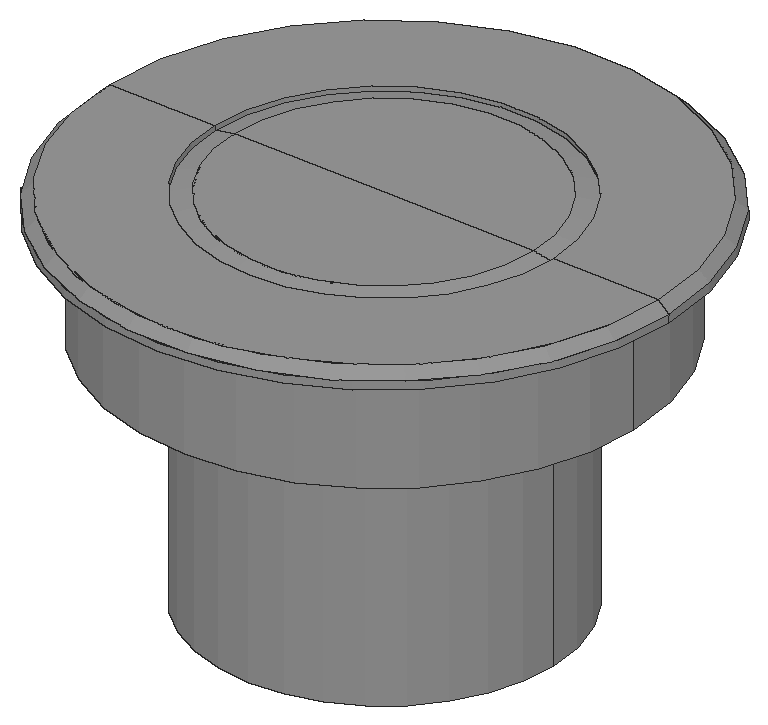
Revit family "4069951 Sylvania Lighting Fixture PATHE CEILING ROUND3 MEDIUM 226LM LED 3K", category Lighting Fixtures, host Face, Revit 2016
Family settings
  Host = Face
  Part Type = Normal
  Round Connector Dimension = Use Diameter
  OmniClass Number = 23.80.70.00
  OmniClass Title = Lighting
  Cut with Voids When Loaded = No
  Light Source = Yes
  Shared = No
  Room Calculation Point = No
Parameters (values of type "4069951 PATHE/C/R3 MED 226LM LED 3K")
  Weight = "1.0 kg"
  Wattage Comments = ""
  Wattage = 4.4 W
  WarrantyStartDate [instance] = "n/a"
  WarrantyGuarantorParts = "n/a"
  WarrantyDurationUnit = "n/a"
  WarrantyDurationParts = "n/a"
  WarrantyDescription = "n/a"
  built-in parameter 1150110 = 1 (stored number, unit not read)
  Voltage = 0 V
  URL = "http://www.sylvania-lighting.com"
  TypeName = "PATHE/CEILING/ROUND3 MEDIUM 226LM LED 3K"
  Type Image = <None>
  Type Comments = "n/a"
  built-in parameter 1114217 = 1 (stored number, unit not read)
  Tilt Angle = -90.00°
  built-in parameter 1150109 = 1 (stored number, unit not read)
  built-in parameter 1150134 = (empty or 0)
  built-in parameter 1150113 = 1 (stored number, unit not read)
  SerialNumber [instance] = "n/a"
  Radius_SYL = 74 mm
  RadiusDiffuser_SYL = 44 mm
  Photometric Web File = "4069951.ies"
  Material_5_SYL = Steel AISI 1006 85 HR
  Material_3_SYL = Inside_Sylvania_Pathe_Black
  PowerFactor = 0
  PowerConsumption = "4.4 W"
  NominalLength = 148 mm
  NominalHeight = 110 mm
  NominalDepth = 0 mm
  Name = "PATHE/CEILING/ROUND3 MEDIUM 226LM LED 3K"
  ModelReference = Name  # "PATHE/CEILING/ROUND3 MEDIUM 226LM LED 3K"
  ModelNumber = "4069951"
  Model = Name  # "PATHE/CEILING/ROUND3 MEDIUM 226LM LED 3K"
  Material = "corrosion resistant die-cast aluminium body. aluminium fixing bracket. housing, tempered safety glass diffuser"
  ManufacturerName = "Feilo Sylvania"
  Manufacturer = "Feilo Sylvania"
  LuminousEfficacy = "51.36 lm/W"
  built-in parameter 1150105 = 17.985 (stored number, unit not read)
  Lumens = 226 lm
  LuminaireType = ""
  built-in parameter 1150115 = 1 (stored number, unit not read)
  LightOutputRatio = "100"
  built-in parameter 1150137 = (empty or 0)
  built-in parameter 1150139 = (empty or 0)
  LampsType = Lamp  # "LED"
  LampNominalLuminous = "226 lm"
  LampMacAdamStep = "n/a"
  LampColourTemperature = "3000 K"
  LampColourRenderingIndex = "80"
  built-in parameter 1150112 = 1 (stored number, unit not read)
  built-in parameter 1150114 = 1 (stored number, unit not read)
  Lamp = "LED"
  Keynote = "16500"
  InstallationDate [instance] = "n/a"
  InputVoltage = "n/a"
  InputNominalFrequency = "n/a"
  built-in parameter 1150132 = (empty or 0)
  built-in parameter 1150102 = (empty or 0)
  built-in parameter 1150107 = 3000 (stored number, unit not read)
  built-in parameter 1150138 = (empty or 0)
  IngressProtection = "IP66"
  ImpactProtectionIndex = "IK10"
  built-in parameter 1150106 = 0.17985 (stored number, unit not read)
  IfcExportType = "IfcLightFixtureType"
  IfcExportAs = "IfcLightFixtureType"
  HieghtTop_SYL = 3 mm
  ExpectedLife = 50000
  Emit from Circle Diameter = RadiusDiffuser_SYL * 2  # 88 mm
  Emit Shape Visible in Rendering = no
  ElectricShockClassification = "Class I"
  built-in parameter 1150104 = 4.7718 (stored number, unit not read)
  DurationUnit = "hours"
  DocumentationLiterature = "http://www.sylvania-lighting.com/product/en-int/products/4069951"
  DimmingControlOptions = "n/a"
  Material_2_SYL = LED-Sylvania
  Dimming Lamp Color Temperature Shift = <None>
  Description = "Round recessed ceiling mounted luminaireCorrosion resistant anodized aluminium, 226lm, 4,4W, 51lm/W, 3000K, CRI80+, medium, non dimmable, IP66, IK10, (ØxD) 135x92mm, 3 step MacAdam ellipse, 1.2kg, Class I, 220-240V, A++ A+ A"
  Default Elevation = 1219.2 mm
  CreatedOn = "9/21/2018"
  CreatedBy = "@sylvania-lighting.com"
  Cost = 0
  Color Filter = 16777215
  built-in parameter 1114216 [instance] = (empty or 0)
  ClassificationValue = "EF_70_80"
  ClassificationName = "Uniclass2015"
  Material_1_SYL = Aluminum 6061 T6 80 Hot Formed
  ChamferTop_SYL = 2.5 mm
  ChamferDiffuserTop_SYL = 5 mm
  ChamferDiffuserSide_SYL = 1 mm
  BarCode [instance] = "n/a"
  built-in parameter 1114218 = 1 (stored number, unit not read)
  built-in parameter 1150133 = 10 (stored number, unit not read)
  AssetType = "Fixed"
  AssetIdentifier [instance] = "n/a"
  Assembly Code = "D5020200"
  Apparent Load = 4.4 VA
  Material_4_SYL = Polycarbonate, Clear
Reference planes
  plane 1 "Center (Front/Back)": y = 0
  plane 2: z = 0
  plane 3 "Center (Left/Right)": x = 0
  plane 4: x = -74
  plane 5: x = -44
  plane 6: z = 3
  plane 7: x = -71.5
  plane 8: x = -39
  plane 9: z = 2
  plane 10: z = 0.5
  plane 11: x = -55.75
  plane 12: x = -25
  plane 13: z = -12
  plane 14: x = -27.5
  plane 15: z = -11
  plane 16: x = -24
  plane 17: z = -15
  plane 18: x = -69
  plane 19: z = -1.5
  plane 20: x = -67.5
  plane 21: z = -92
  plane 22: z = -29.5
  plane 23: x = -65
  plane 24: x = -45
Forms (mm)
  Revolve 1, solid, material "Aluminum 6061 T6 80 Hot Formed" <- "Material_1_SYL"
    sketch origin (0, 0, 0) x (1, 0, 0) y (0, 0, 1)
      loop
        line (-71.5, 3) -> (-74, 0.5) -> (-74, -1.5) -> (-65, -1.5) -> (-65, -29.5) -> (-44, -29.5) -> (-44, -92) -> (0, -92) -> (0, -12) -> (-25, -12) -> (-27.5, -15) -> (-55.75, -15) -> (-55.75, 0) -> (-44, 0) -> (-44, 3) -> (-71.5, 3)
      axis (0, 3) -> (0, -92)
    angle from 360 to 0
  Revolve 2, solid, material "Polycarbonate, Clear" <- "Material_4_SYL"
    sketch origin (0, 0, 0) x (1, 0, 0) y (0, 0, 1)
      loop
        line (-44, 2) -> (-44, 0) -> (0, 0) -> (0, 3) -> (-39, 3) -> (-44, 2)
      axis (0, 3) -> (0, 0)
    angle from 360 to 0
  Revolve 3, void
    sketch origin (0, 0, 0) x (1, 0, 0) y (0, 0, 1)
      loop
        line (0, -29.5) -> (0, 0) -> (-67.5, 0) -> (-67.5, -29.5) -> (0, -29.5)
      axis (0, 0) -> (0, -29.5)
    angle from 360 to 0
  Revolve 4, solid, material "LED-Sylvania" <- "Material_2_SYL"
    sketch origin (0, 0, 0) x (1, 0, 0) y (0, 0, 1)
      loop
        line (-25, -12) -> (0, -12) -> (0, -11) -> (-24, -11) -> (-25, -12)
      axis (0, -11) -> (0, -12)
    angle from 360 to 0
Cuts and joins
  Revolve 3 cuts Revolve 2
Lines and regions (mm)
  reference lines
    curve 1: line (0, 0, -12) -> (0, -11.75, -12)
Dimensions and locks
  "Radius_SYL": plane 3 "Center (Left/Right)" to plane 4
  "RadiusDiffuser_SYL": plane 3 "Center (Left/Right)" to plane 5
  "ChamferTop_SYL": plane 7 to plane 4
  "ChamferDiffuserSide_SYL": plane 6 to plane 9
  "ChamferDiffuserTop_SYL": plane 8 to plane 5
  "ChamferTop_SYL": plane 6 to plane 10
  "HieghtTop_SYL": plane 6 to plane 2
  locked: plane 11 to plane 4 at 18.25
  locked: plane 3 "Center (Left/Right)" to plane 12 at 25
  locked: plane 14 to plane 12 at 2.5
  locked: plane 12 to plane 16 at 1
  locked: plane 15 to plane 13 at 1
  locked: host face to plane 17 at 15
  locked: plane 13 to plane 17 at 3
  locked: plane 3 "Center (Left/Right)" to plane 18 at 69
  plane 2 to plane 19 = 1.5 mm
  locked: plane 3 "Center (Left/Right)" to plane 20 at 67.5
  locked: plane 2 to plane 21 at 92
  locked: plane 2 to plane 22 at 29.5
  locked: plane 3 "Center (Left/Right)" to plane 23 at 65
  locked: plane 3 "Center (Left/Right)" to plane 24 at 45
  aligned and locked: plane 2 to host face
  aligned and locked: level to host face
  aligned and locked: plane 6 to Revolve 1 sketch curve
  aligned and locked: Revolve 1 sketch curve to plane 3 "Center (Left/Right)"
  aligned and locked: level to Revolve 1 sketch curve
  aligned and locked: plane 5 to Revolve 1 sketch curve
  aligned and locked: plane 6 to Revolve 2 sketch curve
  aligned and locked: Revolve 2 sketch curve to plane 3 "Center (Left/Right)"  (x2)
  aligned and locked: Revolve 1 to Revolve 2 sketch curve
  aligned and locked: plane 8 to Revolve 2 sketch curve
  aligned and locked: plane 5 to Revolve 2 sketch curve
  aligned and locked: plane 9 to Revolve 2 sketch curve
  aligned and locked: imposter light to plane 6
  aligned and locked: imposter light to plane 1 "Center (Front/Back)"
  aligned and locked: plane 3 "Center (Left/Right)" to imposter light
  aligned and locked: plane 7 to Revolve 1 sketch curve
  aligned and locked: Revolve 3 sketch curve to plane 3 "Center (Left/Right)"  (x2)
  aligned and locked: Revolve 3 sketch curve to Revolve 1
  aligned and locked: Revolve 3 sketch curve to level
  aligned and locked: plane 11 to Revolve 1 sketch curve
  aligned and locked: Revolve 1 sketch curve to Revolve 1 sketch curve
  aligned and locked: plane 13 to Revolve 1 sketch curve
  aligned and locked: plane 14 to Revolve 1 sketch curve
  aligned and locked: plane 12 to Revolve 1 sketch curve
  aligned and locked: plane 3 "Center (Left/Right)" to curve 1
  aligned and locked: Revolve 1 to Revolve 4 sketch curve
  aligned and locked: plane 16 to Revolve 4 sketch curve
  aligned and locked: Revolve 4 sketch curve to Revolve 1
  aligned and locked: plane 15 to Revolve 4 sketch curve
  aligned and locked: Revolve 4 sketch curve to plane 3 "Center (Left/Right)"  (x2)
  aligned and locked: Revolve 1 sketch curve to plane 4
  aligned and locked: plane 19 to Revolve 1 sketch curve
  aligned and locked: plane 20 to Revolve 3 sketch curve
  aligned and locked: plane 22 to Revolve 1 sketch curve
  aligned and locked: Revolve 1 sketch curve to plane 5
  aligned and locked: plane 21 to Revolve 1 sketch curve
Automatic sketch dimensions
  host sketch curve to host sketch curve = 2438.4 mm  (x2)
  Revolve 2 sketch curve to Revolve 2 sketch curve = 2607.058 mm
  Revolve 4 sketch curve to plane 6 = 2606.858 mm
  plane 1 "Center (Front/Back)" to curve 1 = 0 mm
  curve 1 to curve 1 = 11.75 mm
  Revolve 3 sketch curve to plane 6 = 2607.058 mm
  plane 21 to Revolve 2 sketch curve = 517.6 mm
  plane 21 to Revolve 3 sketch curve = 517.6 mm
  plane 21 to Revolve 4 sketch curve = 517.6 mm
  Revolve 1 sketch curve to plane 23 = 0 mm
  Revolve 1 sketch curve to plane 17 = 0 mm
  Revolve 1 sketch curve to plane 10 = 0 mm
  plane 21 to Revolve 1 sketch curve = 517.6 mm
  Revolve 1 sketch curve to plane 6 = 2607.058 mm
Connectors
  electrical at (0, 0, 0), driven by "Apparent Load", driven by "PowerFactor", driven by "Voltage"
    settings: index 1, voltage 0 V, apparent load 4.4 VA, apparent load phase1 0 VA, apparent load phase2 0 VA, apparent load phase3 0 VA, power factor 0, load classification "Lighting", number of poles 1, system type 30, power factor state 1, is connector primary yes, connector utility no, sub classification motor no, connector description ""
